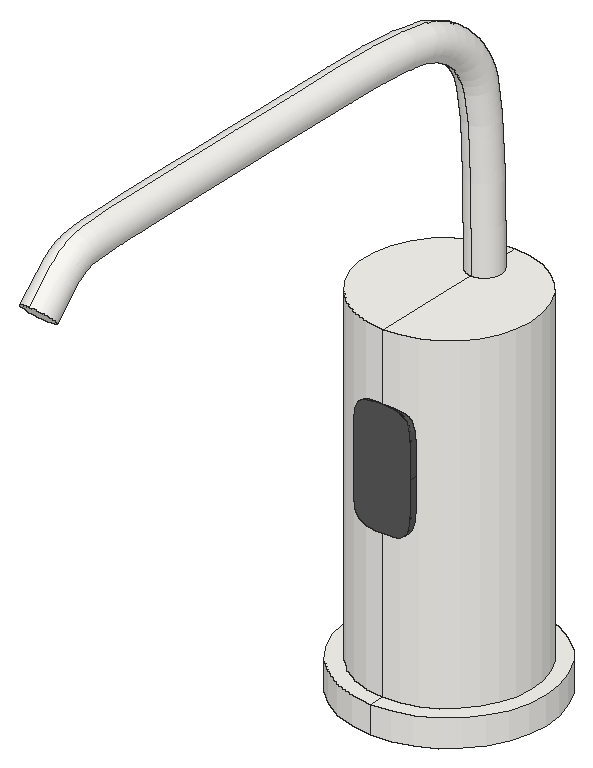
Revit family "DSDR0130", category Generic Models, Revit 2017
Family settings
  Can host rebar = No
  Round Connector Dimension = Use Diameter
  Part Type = Normal
  Work Plane-Based = Yes
  Always vertical = Yes
  Cut with Voids When Loaded = No
  Shared = No
  Room Calculation Point = No
Parameters
  Website = "https://dolphy.in/"  # constant formula
  Default Elevation = 1219.2 mm
  Contact number = "+91 9520202035"  # constant formula
  Contact email = "info@dolphy.in"  # constant formula
  Company name = "Dolphy India"  # constant formula
Reference planes
  plane 1 "Center (Front/Back)": y = 0
  plane 2: z = 0
  plane 3 "Center (Left/Right)": x = 0
Forms (mm)
  Revolve 1, solid, material "SILVER"
    sketch origin (0.047, -19.318, -0.312) x (0, 1, 0) y (0, 0, 1)
      loop
        line (0, 0) -> (19.319, 0) -> (19.319, 5.418) -> (16.34, 5.418) -> (16.34, 70.528) -> (0, 70.528) -> (0, 10) -> (0, 0)
      axis (0, 70.528) -> (0, 0)
    angle from 0 to 360
  Sweep 2, solid, material "SILVER"
    path origin (0.047, -18.491, 8.497) x (0, 1, 0) y (0, 0, 1)
      loop
        spline (7.943, 61.718) -> (6.521, 93.659) -> (2.383, 102.54) -> (-2.986, 106.646) -> (-8.968, 108.651) -> (-16.888, 109.561) -> (-28.105, 109.826) -> (-43.908, 109.84) -> (-62.847, 109.815) -> (-79.799, 109.708) -> (-89.944, 109.42) -> (-94.527, 108.413) -> (-102.313, 101.8)
    profile origin (0.047, -46.595, 118.323) x (0, -0.005631, -0.999984) y (1, 0, 0)
      loop
        circle (0, 0) r 3.216
  Extrusion 3, solid, material "Sensor"
    sketch origin (0.047, -19.318, 0) x (-1, 0, 0) y (0, 0, 1)
      loop
        spline (0, 57.106) -> (-1.703, 57.044) -> (-2.961, 56.86) -> (-3.858, 56.559) -> (-4.474, 56.144) -> (-4.893, 55.619) -> (-5.191, 54.983) -> (-5.405, 54.195) -> (-5.548, 53.189) -> (-5.635, 51.901) -> (-5.68, 50.268) -> (-5.696, 48.225) -> (-5.699, 45.708)
        spline (-5.699, 45.708) -> (-5.696, 43.191) -> (-5.68, 41.148) -> (-5.635, 39.515) -> (-5.548, 38.227) -> (-5.405, 37.221) -> (-5.191, 36.433) -> (-4.893, 35.797) -> (-4.474, 35.272) -> (-3.858, 34.857) -> (-2.961, 34.556) -> (-1.703, 34.372) -> (0, 34.31)
        spline (0, 34.31) -> (1.703, 34.372) -> (2.961, 34.556) -> (3.858, 34.857) -> (4.474, 35.272) -> (4.893, 35.797) -> (5.191, 36.433) -> (5.405, 37.221) -> (5.548, 38.227) -> (5.635, 39.515) -> (5.68, 41.148) -> (5.696, 43.191) -> (5.699, 45.708)
        spline (5.699, 45.708) -> (5.696, 48.225) -> (5.68, 50.268) -> (5.635, 51.901) -> (5.548, 53.189) -> (5.405, 54.195) -> (5.191, 54.983) -> (4.893, 55.619) -> (4.474, 56.144) -> (3.858, 56.559) -> (2.961, 56.86) -> (1.703, 57.044) -> (0, 57.106)
    from -16.539 to -14.773
Dimensions and locks
  aligned and locked: level to plane 2
